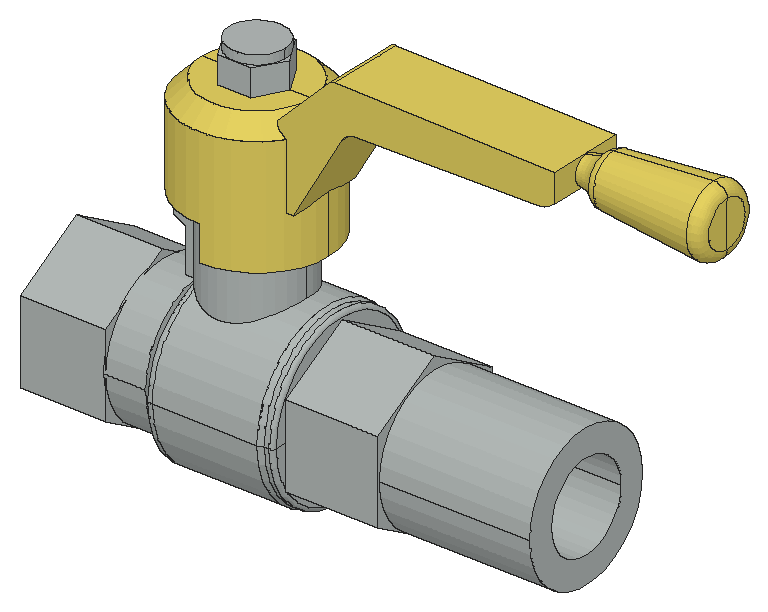
Revit family "QP12400000", category Apparecchi idraulici, Revit 2020
Family settings
  Quota connettore circolare = Usa diametro
  Tipo di parte = Normale
  Numero OmniClass = 23.45.00.00
  Titolo OmniClass = Sanitary, Laundry, and Cleaning Equipment
  Basato su piano di lavoro = No
  Sempre verticale = Sì
  Taglio con vuoti quando caricato = No
  Condiviso = No
  Punto di calcolo locali = No
Parameters
  URL = "https://web.cimberio.com/index.php/figura/104?subcategoria_id="
  Temperatura di esercizio = "-20 ÷ 60°C"
  Prospetto di default = 0 mm
  Produttore = "CIMBERIO SPA"
  Pressione nominale = "MOP 5"
  Modello = "Cim 12TAS"
  Materiale = "Prodotto in lega di ottone conforme alla norma EN 12165-CW617N-DW"
  Descrizione = "Utilizzato nell’impiantistica distributiva di gas a bassa pressione per le categorie:\r\nGas naturali: gas derivati dal petrolio (Metano) e gas di ricambio.\r\nGas di città: prodotti secondo i diversi procedimenti (Cracking - Cokerie - ecc.).\r\nGas liquidi: propano e miscele di gas propano/butano."
  DN Model [instance] = QP12401015 : QP12401015
  DN [instance] = 15 mm
  Commenti sul tipo = "Realizzato in ottemperanza ai requisiti gestionali della norma EN ISO 9001.\r\nCollaudato al 100% secondo la normativa EN 12266-1"
Reference planes
  plane 1 "Centro (Fronte/Retro)": y = 0
  plane 2: z = 0
  plane 3 "Centro (Sinistra/Destra)": x = 0
Dimensions and locks
  aligned and locked: level to plane 2
Nested families
  nested 1: "QP12401015" at (0, 0, 0), type <- "DN Model", type "QP12401015"
  nested 2: "QP12401015" at (0, 0, 0), type <- "DN Model", type "QP12401015"
  nested 3: "QP12401015" at (0, 0, 0), type <- "DN Model", type "QP12401015"
  nested 4: "QP12401015" at (0, 0, 0), type <- "DN Model", type "QP12401015"
  nested 5: "QP12401015" at (0, 0, 0), type <- "DN Model", type "QP12401015"
  nested 6: "QP12401015" at (0, 0, 0), type <- "DN Model", type "QP12401015"
  nested 7: "QP12401015" at (0, 0, 0), type <- "DN Model", type "QP12401015"
  nested 8: "QP12401015" at (0, 0, 0), type <- "DN Model", type "QP12401015"
  nested 9: "QP12401015" at (0, 0, 0), type <- "DN Model", type "QP12401015"
Connectors
  piping at (30.3, 0, 0), diameter 15, driven by "DN"
    settings: on nested 1, index 1, connector inside diameter 609.6 mm, connector length 0 mm, flow factor 0, pipe flow 0.0 L/s, pressure drop 0.0 Pa, fitting loss kfactor 0, connector angle 0.00°, fixture units 0, engagement length 0 mm, angle of deflection 0.00°, flow configuration 0, flow direction 0, fitting loss method 0, system type 7, joint type 0, gender type 0, connector reference index -1, connector utility 0, adjustable connector no, is connector primary yes, connector description ""
  piping at (-30.6, 0, 0), diameter 15, driven by "DN"
    settings: on nested 1, index 2, connector inside diameter 609.6 mm, connector length 0 mm, flow factor 0, pipe flow 0.0 L/s, pressure drop 0.0 Pa, fitting loss kfactor 0, connector angle 0.00°, fixture units 0, engagement length 0 mm, angle of deflection 0.00°, flow configuration 0, flow direction 0, fitting loss method 0, system type 7, joint type 0, gender type 0, connector reference index -1, connector utility 0, adjustable connector no, is connector primary no, connector description ""
Definition of nested family "QP12401015"
  Parameters (values of type "QP12401015")
    Default Elevation = 0 mm
  Reference planes
    plane 1 "Centro (Fronte/Retro)": y = 0
    plane 2: z = 0
    plane 3 "Centro (Sinistra/Destra)": x = 0
  Forms (mm)
    Extrusion 1, solid
      sketch origin (-16, 0, 0) x (0, 0, 1) y (0, 1, 0)
        loop
          circle (0, 0) r 7.5
        loop
          line (-14, 0) -> (-7, -12.124) -> (7, -12.124) -> (14, 0) -> (7, 12.124) -> (-7, 12.124) -> (-14, 0)
      from 0 to 14.6
    Extrusion 2, solid
      sketch origin (16, 0, 0) x (0, 0, 1) y (0, -1, 0)
        loop
          circle (0, 0) r 7.5
        loop
          line (-14, 0) -> (-7, -12.124) -> (7, -12.124) -> (14, 0) -> (7, 12.124) -> (-7, 12.124) -> (-14, 0)
      from -2.262 to 14.3
    Extrusion 3, solid
      sketch origin (0, 0, 28.55) x (1, 0, 0) y (0, 1, 0)
        loop
          circle (0, 0) r 8.45
        loop
          circle (0, 0) r 6.348
      from -20.832 to 5.337
    Revolve 4, solid
      sketch origin (0, 0, 0) x (1, 0, 0) y (0, 0, 1)
        loop
          line (0, 45.845) -> (-9.25, 45.845) -> (-12.25, 42.845) -> (-12.25, 22.845) -> (-8.92, 22.845) -> (-8.92, 33.247) -> (0, 33.247) -> (0, 45.845)
        axis (0, 45.845) -> (0, 22.845)
      angle from 0 to 360
    Extrusion 5, void
      sketch origin (0, 0, 28.55) x (1, 0, 0) y (0, 1, 0)
        loop
          line (-8.682, 0) -> (-12.25, 0)
          arc (-12.25, 0) -> (-8.662, -8.662) -> (0, -12.25) r 12.25
          line (0, -12.25) -> (0, -7.437)
          arc (0, -7.437) -> (-5.627, -5.22) -> (-8.682, 0) r 9.25
      from -7.705 to 0.295
    Extrusion 6, solid
      sketch origin (0, 0, 0) x (1, 0, 0) y (0, 0, 1)
        loop
          line (-13, 26.345) -> (-13, 21.045) -> (-11, 19.89) -> (-11, 11.799) -> (-6.613, 11.799) -> (-6.613, 26.345) -> (-13, 26.345)
      from 0 to 1.497
    Extrusion 7, solid
      sketch origin (0, 0, 45.845) x (0, 1, 0) y (-1, 0, 0)
        loop
          line (0, 5.6) -> (-4.85, 2.8) -> (-4.85, -2.8) -> (0, -5.6) -> (4.85, -2.8) -> (4.85, 2.8) -> (0, 5.6)
      from 0 to 4.5
    Extrusion 8, solid
      sketch origin (0, 0, 50.345) x (0, 1, 0) y (-1, 0, 0)
        loop
          circle (0, 0) r 4.75
      from 0 to 1.5
    Extrusion 9, solid
      sketch origin (0, 0, 0) x (1, 0, 0) y (0, 0, 1)
        loop
          line (8.835, 45.18) -> (10.419, 31.727) -> (11.604, 31.727) -> (19.912, 46.115)
          arc (19.912, 46.115) -> (20.811, 47.022) -> (22.041, 47.365) r 2.5
          line (22.041, 47.365) -> (52.5, 47.796)
          arc (52.5, 47.796) -> (54.381, 48.092) -> (56, 49.094) r 4.822
          line (56, 49.094) -> (56.001, 53.845) -> (18.495, 54.336)
          arc (18.495, 54.336) -> (18.067, 54.28) -> (17.703, 54.048) r 0.997
          line (17.703, 54.048) -> (8.835, 45.18)
      from -6.343 to 6.657
    Revolve 10, solid
      sketch origin (0, 0, 0) x (1, 0, 0) y (0, 0, 1)
        loop
          line (77.832, 57.345) -> (60.805, 55.913)
          arc (60.805, 55.913) -> (60.125, 55.734) -> (59.553, 55.327) r 1.958
          arc (59.553, 55.327) -> (57.928, 54.229) -> (56, 53.865) r 4.841
          line (56, 53.865) -> (56, 51.47) -> (80, 51.47) -> (80, 55.352)
          arc (80, 55.352) -> (79.354, 56.824) -> (77.832, 57.345) r 2
        axis (56, 51.47) -> (80, 51.47)
      angle from 0 to 360
    Revolve 11, solid
      sketch origin (0, 0, 0.345) x (0, 1, 0) y (-1, 0, 0)
        loop
          line (6.091, 16.162) -> (6.091, -14.438) -> (13.893, -14.438)
          arc (13.893, -14.438) -> (14.388, -14.233) -> (14.593, -13.738) r 0.7
          line (14.593, -13.738) -> (14.593, -12.831) -> (14.843, -11.898) -> (14.843, 5.978)
          arc (14.843, 5.978) -> (14.839, 6.406) -> (14.697, 6.809) r 1.301
          line (14.697, 6.809) -> (12.343, 9.162) -> (12.343, 16.162) -> (6.091, 16.162)
        axis (0, 16.162) -> (0, -14.438)
      angle from 0 to 360
    Extrusion 12, solid
      sketch origin (0, 0, 0) x (0, 1, 0) y (0, 0, 1)
        loop
          circle (0, 0) r 7.5
        loop
          circle (0, 0) r 12
      from 30.3 to 55.994
  Cuts and joins
    Extrusion 5 cuts Revolve 4
    joined: Extrusion 3, Extrusion 6
  Dimensions and locks
    aligned and locked: level to plane 2
